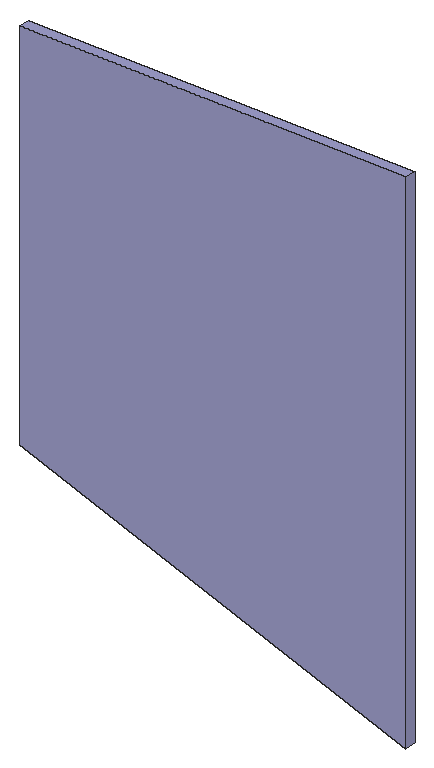
Revit family "EXP_WT-3_CPan-003", category Curtain Panels, Revit 2021
Family settings
  OmniClass Number = 23.25.20.14.11.11.17
  OmniClass Title = Infill Panels
  Always vertical = Yes
  Cut with Voids When Loaded = No
  Shared = No
Parameters
  UI-UnitNumber [instance] = "001"
  UI-Quadrant [instance] = "SE"
  UI-ProjectAbbreviation = "NEU"
  UI-ItemCategory = "PID"
  UI-FloorNumber [instance] = "03"
  PNT-WallType = "WT3"
  PNT-ProjectAbbreviation = "NEU"
  PNT-PanelType [instance] = "01"
  PNT-ItemCategory = "PNL"
  GlassSPH [instance] = 0' - 2 3/8"
  GlassH1 = IG-9F(Glass)
  Define Thermal Properties by = Schematic Type
  CellSxH [instance] = 9' - 8.09616"
  CellSp = 0' - 11"
  CellL [instance] = 7' - 4"
  CellH [instance] = 15' - 11 1/2"
  CellDxH [instance] = 7' - 1.09616"
  CellAngle = 85.91°
  Analytic Construction = "<None>"
Reference planes (in)
  plane 1 "Center (Front/Back)": y = 0
  plane 2: z = 0
  plane 3 "Center (Left/Right)": x = 0
  plane 4 "Left": x = -44
  plane 5 "Right": x = 44
  plane 6 "Top": z = 191.5
  plane 7: y = -11
  plane 8: z = 75.40384
  plane 9: z = 106.40384
Forms (in)
  Extrusion 1, solid, material "IG-9F(Glass)" <- "GlassH1", detail levels coarse+medium
    sketch origin (0, 0, 0) x (1, 0, 0) y (0, 0, 1)
      loop
        line (44, 191.5) -> (-44, 191.5) -> (-44, 106.40384) -> (44, 75.40384) -> (44, 191.5)
    from 0 to 11
  Extrusion 2, void
    sketch origin (0, 0, 0) x (1, 0, 0) y (0, 1, 0)
      loop
        line (-44, -11) -> (-43.21344, -11) -> (-44, 0) -> (-44, -11)
      loop
        line (44, -11) -> (44, 0) -> (43.21344, -11) -> (44, -11)
    from 0 to 191.5
Cuts and joins
  Extrusion 2 cuts Extrusion 1
Lines and regions (in)
  reference lines
    curve 1: line (-44, 0, 0) -> (-41.71765, -31.9185, 0)
    curve 2: line (44, 0, 0) -> (41.8603, -29.9236, 0)
    curve 3: line (44, 0, 75.40384) -> (-44, 0, 106.40384)
Text (in)
  text "Exterior" at (-92.59733, 55.75508, 0), in view "Ref. Level"
  text "Exterior" at (0, 90.18664, 173.49264), in view "Left"
  text "Exterior" at (0, 52.29083, 162.21847), in view "Right"
Dimensions and locks (in)
  equal spacing: plane 4 "Left", plane 3 "Center (Left/Right)", plane 5 "Right"  (x2)
  "CellL": plane 4 "Left" to plane 5 "Right"
  "CellH": plane 2 to plane 6 "Top"
  "CellSp": plane 7 to plane 1 "Center (Front/Back)"
  "CellSxH": plane 8 to plane 6 "Top"
  "CellDxH": plane 9 to plane 6 "Top"
  "CellAngle": angle curve 1 to plane 1 "Center (Front/Back)"
  "CellAngle": angle plane 1 "Center (Front/Back)" to curve 2
  aligned and locked: level to plane 2
  aligned and locked: plane 5 "Right" to Extrusion 1 sketch curve
  aligned and locked: Extrusion 1 sketch curve to curve 3
  aligned and locked: plane 4 "Left" to Extrusion 1 sketch curve
  aligned and locked: plane 6 "Top" to Extrusion 1 sketch curve
  aligned and locked: Extrusion 1 to plane 7
  aligned and locked: Extrusion 1 to plane 1 "Center (Front/Back)"
  aligned and locked: Extrusion 2 sketch curve to plane 4 "Left"
  aligned and locked: Extrusion 2 sketch curve to curve 1
  aligned and locked: Extrusion 2 sketch curve to plane 7  (x2)
  aligned and locked: Extrusion 2 sketch curve to plane 5 "Right"
  aligned and locked: Extrusion 2 sketch curve to curve 2
  aligned and locked: Extrusion 2 to plane 6 "Top"
  aligned and locked: Extrusion 2 to plane 2
  aligned and locked: nested 1 to plane 1 "Center (Front/Back)"
  aligned and locked: plane 5 "Right" to nested 1
  aligned and locked: plane 4 "Left" to nested 1
  aligned and locked: plane 6 "Top" to nested 1
  aligned and locked: nested 1 to plane 9
  aligned and locked: nested 1 to plane 8
  aligned and locked: nested 1 to plane 2
Automatic sketch dimensions
  plane 4 "Left" to curve 3 = 0' - 0"
  plane 5 "Right" to curve 3 = 0' - 0"
  curve 3 to plane 8 = 0' - 0"
  curve 3 to plane 9 = 0' - 0"
  plane 1 "Center (Front/Back)" to curve 1 = 0' - 0"
  curve 1 to plane 4 "Left" = 0' - 0"
  plane 1 "Center (Front/Back)" to curve 2 = 0' - 0"
  curve 2 to plane 5 "Right" = 0' - 0"
Nested families (in)
  nested 1: "EXP_WT-1x_IG-006" at (0, 0, 95.75) x (-1, 0, 0) z (0, 0, 1), MaterialGlass <- "GlassH1", GlassSP <- "GlassSPH", type "EXP_WT-1x_IG-006", detail levels fine
    with MaterialGlass IG-9F(Glass), CellSxH 9' - 8.09616", CellL 7' - 4", CellH 15' - 11 1/2", CellDxH 7' - 1.09616", CellAngle 85.91°, GlassL 7' - 2.66035", GlassHSX 7' - 0.30201", GlassHDX 9' - 6.83009", GlassAngleA 70.594°
Definition of nested family "EXP_WT-1x_IG-006"
  Parameters (values of type "H _ GlassSP = 2 3/8"")
    MaterialGlass [instance] = none
    GlassSP [instance] = 0' - 2 3/8"
    GlassL [instance] = 3' - 11.47925"
    GlassHSX [instance] = 4' - 0.77151"
    GlassHDX [instance] = 5' - 1.79001"
    GlassD4 = 0' - 0 1/2"
    GlassD3 = 0' - 0 1/2"
    GlassD2 = 0' - 0 1/2"
    GlassD1 = 0' - 0 1/2"
    GlassAngleB = 105.333°
    GlassAngleA [instance] = 74.6667°
    GMPI-ProjectAbbreviation = "NEU"
    GMPI-IteamCategory = "GLS"
    Default Elevation = 0' - 0"
    CellSxH [instance] = 5' - 2.99213"
    CellL [instance] = 4' - 0.8189"
    CellH [instance] = 6' - 8.58489"
    CellDxH [instance] = 4' - 1.6063"
    CellAngle [instance] = 85.91°
  Reference planes (in)
    plane 1 "Center (Front/Back)": y = 0
    plane 2: z = 0
    plane 3 "Center (Left/Right)": x = 0
    plane 4: x = -24.40945
    plane 5: x = 24.40945
    plane 6: z = 40.29245
    plane 7: z = -40.29245
    plane 8: z = 39.79245
    plane 9: y = -2.375
    plane 10 "B": z = -9.31385
    plane 11 "A": z = -22.69968
  Forms (in)
    Extrusion 1, solid, material <- "MaterialGlass"
      sketch origin (0, 0, 0) x (1, 0, 0) y (0, 1, 0)
        loop
          line (-23.73962, 0) -> (-23.73962, -2.375) -> (23.73962, -2.375) -> (23.73962, 0) -> (-23.73962, 0)
      from -40.29245 to 39.79245
    Extrusion 2, void
      sketch origin (0, 0, 0) x (1, 0, 0) y (0, 0, 1)
        loop
          line (-24.40945, -40.29245) -> (24.40945, -40.29245) -> (24.40945, -8.7954) -> (-24.40945, -22.18123) -> (-24.40945, -40.29245)
      from 0 to 2.375
  Cuts and joins
    Extrusion 2 cuts Extrusion 1
  Lines and regions (in)
    reference lines
      curve 1: line (-24.40945, 0, 0) -> (-23.51089, -12.56634, 0)
      curve 2: line (24.40945, 0, 0) -> (23.45473, -13.35174, 0)
      curve 3: line (-24.23962, -2.375, 0) -> (-24.23962, 1.56201, 0)
      curve 4: line (24.23962, -2.375, 0) -> (24.23962, 1.16831, 0)
      curve 5: line (-23.73962, -2.375, 0) -> (-23.73962, 1.56201, 0)
      curve 6: line (23.73962, -2.375, 0) -> (23.73962, 1.16831, 0)
      curve 7: line (-24.40945, 0, -22.69968) -> (24.40945, 0, -9.31385)
      curve 8: line (-24.50446, 0, -22.20728) -> (24.31444, 0, -8.82145)
  Dimensions and locks (in)
    equal spacing: plane 6, level, plane 7
    "CellH": plane 6 to plane 7
    "GlassD2": plane 6 to plane 8
    equal spacing: plane 4, plane 3 "Center (Left/Right)", plane 5
    "CellL": plane 4 to plane 5
    "GlassSP": plane 9 to plane 1 "Center (Front/Back)"
    "GlassD1": curve 3 to curve 5
    "GlassD3": curve 6 to curve 4
    "CellSxH": plane 6 to plane 11 "A"
    "CellDxH": plane 6 to plane 10 "B"
    "GlassD4": curve 7 to curve 8
    "GlassL": cut or joined group of Extrusion 1, Extrusion 2 to cut or joined group of Extrusion 1, Extrusion 2
    "GlassHDX": cut or joined group of Extrusion 1, Extrusion 2 to cut or joined group of Extrusion 1, Extrusion 2
    "GlassHSX": cut or joined group of Extrusion 1, Extrusion 2 to cut or joined group of Extrusion 1, Extrusion 2
    "CellAngle": angle curve 1 to plane 1 "Center (Front/Back)"
    "CellAngle": angle plane 1 "Center (Front/Back)" to curve 2
    locked: plane 9 to curve 3 (angle 90.00°)
    locked: curve 4 to plane 9 (angle 90.00°)
    "GlassAngleA": angle cut or joined group of Extrusion 1, Extrusion 2 to cut or joined group of Extrusion 1, Extrusion 2
    "GlassAngleB": angle cut or joined group of Extrusion 1, Extrusion 2 to cut or joined group of Extrusion 1, Extrusion 2
    aligned and locked: level to plane 2
    aligned and locked: plane 1 "Center (Front/Back)" to Extrusion 1 sketch curve
    aligned and locked: Extrusion 1 sketch curve to curve 5
    aligned and locked: plane 9 to Extrusion 1 sketch curve
    aligned and locked: Extrusion 1 sketch curve to curve 6
    aligned and locked: plane 8 to Extrusion 1
    aligned and locked: Extrusion 2 sketch curve to plane 4
    aligned and locked: curve 8 to Extrusion 2 sketch curve
    aligned and locked: Extrusion 2 sketch curve to plane 5
    aligned and locked: Extrusion 2 sketch curve to plane 7
    aligned and locked: Extrusion 2 to plane 9
    aligned and locked: Extrusion 1 to plane 7
  Automatic sketch dimensions
    plane 1 "Center (Front/Back)" to curve 1 = 0' - 0"
    curve 1 to plane 4 = 0' - 0"
    curve 3 to plane 9 = 0' - 0"
    curve 6 to plane 9 = 0' - 0"
    curve 4 to plane 9 = 0' - 0"
    plane 1 "Center (Front/Back)" to curve 2 = 0' - 0"
    curve 2 to plane 5 = 0' - 0"
    curve 5 to plane 9 = 0' - 0"
    curve 6 to curve 4 = 0' - 0"
    curve 3 to curve 5 = 0' - 0"
    plane 4 to curve 7 = 0' - 0"
    plane 5 to curve 7 = 0' - 0"
    curve 7 to plane 11 "A" = 0' - 0"
    curve 7 to plane 10 "B" = 0' - 0"
    plane 4 to curve 8 = 0' - 0.09501"
    plane 5 to curve 8 = 0' - 0.09501"
